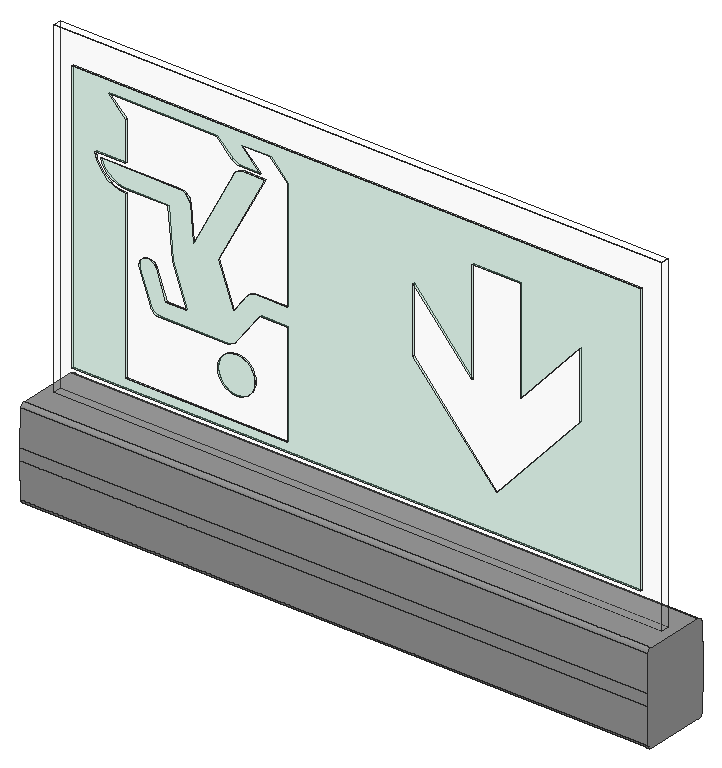
Revit family "0041749", category Lighting Fixtures, host Face, Revit 2017
Family settings
  Host = Face
  Round Connector Dimension = Use Diameter
  Part Type = Normal
  OmniClass Number = 23.80.70.00
  OmniClass Title = Lighting
  Cut with Voids When Loaded = No
  Light Source = No
  Shared = No
  Room Calculation Point = No
Parameters (values of type "0041749 SYLSAFE EXIT-MOD EX R EM3 MT MS Up")
  Width_SYL = 33 mm
  Weight = "0.866 kg"
  Wattage Comments = ""
  WarrantyStartDate [instance] = "n/a"
  WarrantyGuarantorParts = "n/a"
  WarrantyDurationUnit = "n/a"
  WarrantyDurationParts = "n/a"
  WarrantyDescription = "n/a"
  Voltage = 0 V
  URL = "http://www.sylvania-lighting.com"
  TypeSign_SYL = SylSafe EXIT Sign : Exit Arrow Up
  TypeName = "SylSafe Exit-Mod EX R EM3 MT MS Up"
  Type Image = <None>
  Type Comments = "n/a"
  SerialNumber [instance] = "n/a"
  RotatableArmThickness_SYL = 3 mm
  RadiusBody_SYL = Width_SYL / 2  # 16.5 mm
  Material_3_SYL = none
  PowerFactor = 0.49
  PowerConsumption = "4.9 W"
  NominalLength = 300 mm
  NominalHeight = 201 mm
  NominalDepth = 49 mm
  Name = "SylSafe Exit-Mod EX R EM3 MT MS Up"
  ModelReference = Name  # "SylSafe Exit-Mod EX R EM3 MT MS Up"
  ModelNumber = "0041749"
  Model = Name  # "SylSafe Exit-Mod EX R EM3 MT MS Up"
  Material = "n/a"
  ManufacturerName = "Feilo Sylvania"
  Manufacturer = "Feilo Sylvania"
  LuminousEfficacy = "0 lm/W"
  LuminaireType = ""
  LightOutputRatio = "n/a"
  Length_SYL = 300 mm
  LampsType = Lamp  # "LED"
  LampNominalLuminous = "- lm"
  LampMacAdamStep = "n/a"
  LampColourTemperature = "0 K"
  LampColourRenderingIndex = "0"
  Lamp = "LED"
  Keynote = "16500"
  InstallationDate [instance] = "n/a"
  InputVoltage = "n/a"
  InputNominalFrequency = "n/a"
  IngressProtection = "IP20"
  ImpactProtectionIndex = "IK03"
  IfcExportType = "IfcLightFixtureType"
  IfcExportAs = "IfcLightFixtureType"
  Height_SYL = 43 mm
  ExpectedLife = 50000
  ElectricShockClassification = "Class II"
  DurationUnit = "hours"
  DocumentationLiterature = "http://www.sylvania-lighting.com/product/en-int/products/0041749"
  DimmingControlOptions = "n/a"
  Material_2_SYL = none
  Description = "SylSafe Exit-Mod EX R EM3 MT MS is a recessed emergency exit sign. Comes with ISO7010 compliant legend pack. Arrows left, right, up, down and a blank sheet for single sided versions. EC legend pack is available as accessory. Viewing distance 26m. White housing colour.  Maintained 3hr emergency operation with NiMH rechargeable battery. Recharge period 24 hours. 4.9W, IK03, IP20. Power Factor 0.49. Class II electrical construction."
  Default Elevation = 1219.2 mm
  CreatedOn = "10/28/2019"
  CreatedBy = "@sylvania-lighting.com"
  Cost = 0
  built-in parameter 1114216 [instance] = (empty or 0)
  ClassificationValue = "EF_70_80"
  ClassificationName = "Uniclass2015"
  Material_1_SYL = PC/ABS Plastic
  BarCode [instance] = "n/a"
  AssetType = "Fixed"
  AssetIdentifier [instance] = "n/a"
  Assembly Code = "D5020200"
  Apparent Load = 4.9 VA
  Material_4_SYL = none
Types (4, lengths in mm): name | TypeSign_SYL | TypeName | Name | ModelReference | Model
  0041749 SYLSAFE EXIT-MOD EX R EM3 MT MS Up | SylSafe EXIT Sign : Exit Arrow Up | "SylSafe Exit-Mod EX R EM3 MT MS Up" | "SylSafe Exit-Mod EX R EM3 MT MS Up" | "SylSafe Exit-Mod EX R EM3 MT MS Up" | "SylSafe Exit-Mod EX R EM3 MT MS Up"
  0041749 SYLSAFE EXIT-MOD EX R EM3 MT MS Right | SylSafe EXIT Sign : Exit Arrow Right | "SylSafe Exit-Mod EX R EM3 MT MS Right" | "SylSafe Exit-Mod EX R EM3 MT MS Right" | "SylSafe Exit-Mod EX R EM3 MT MS Right" | "SylSafe Exit-Mod EX R EM3 MT MS Right"
  0041749 SYLSAFE EXIT-MOD EX R EM3 MT MS Left | SylSafe EXIT Sign : Exit Arrow Left | "SylSafe Exit-Mod EX R EM3 MT MS Left" | "SylSafe Exit-Mod EX R EM3 MT MS Left" | "SylSafe Exit-Mod EX R EM3 MT MS Left" | "SylSafe Exit-Mod EX R EM3 MT MS Left"
  0041749 SYLSAFE EXIT-MOD EX R EM3 MT MS Down | SylSafe EXIT Sign : Exit Arrow Down | "SylSafe Exit-Mod EX R EM3 MT MS Down" | "SylSafe Exit-Mod EX R EM3 MT MS Down" | "SylSafe Exit-Mod EX R EM3 MT MS Down" | "SylSafe Exit-Mod EX R EM3 MT MS Down"
Reference planes
  plane 1 "Center (Front/Back)": y = 0
  plane 2: z = 0
  plane 3 "Center (Left/Right)": x = 0
  plane 4: y = 16.5
  plane 5: y = -16.5
  plane 6: z = 43
  plane 7: x = -150
  plane 8: x = 150
  plane 9: z = 21.5
  plane 10: y = -15.9
  plane 11: y = 15.9
Forms (mm)
  Extrusion 1, solid, material "PC/ABS Plastic" <- "Material_1_SYL"
    sketch origin (0, 0, 0) x (0, 1, 0) y (0, 0, 1)
      loop
        line (13.955, 43) -> (-13.955, 43)
        arc (-13.955, 43) -> (-15.349, 42.434) -> (-15.954, 41.056) r 2
        line (-15.954, 41.056) -> (-16.422, 24.29)
        arc (-16.422, 24.29) -> (-16.461, 21.5) -> (-16.422, 18.71) r 100
        line (-16.422, 18.71) -> (-15.954, 1.944)
        arc (-15.954, 1.944) -> (-15.349, 0.566) -> (-13.955, 0) r 2
        line (-13.955, 0) -> (13.955, 0)
        arc (13.955, 0) -> (15.349, 0.566) -> (15.954, 1.944) r 2
        line (15.954, 1.944) -> (16.422, 18.71)
        arc (16.422, 18.71) -> (16.461, 21.5) -> (16.422, 24.29) r 100
        line (16.422, 24.29) -> (15.954, 41.056)
        arc (15.954, 41.056) -> (15.349, 42.434) -> (13.955, 43) r 2
    from -150 to 150
Lines and regions (mm)
  reference lines
    curve 1: line (0, -16.5, 21.5) -> (0, -15.9, 43)
    curve 2: line (0, -16.5, 21.5) -> (0, -15.9, 0)
    curve 3: line (0, 15.9, 0) -> (0, 16.5, 21.5)
    curve 4: line (0, 16.5, 21.5) -> (0, 15.9, 43)
Dimensions and locks
  equal spacing: plane 5, plane 1 "Center (Front/Back)", plane 4
  "Width_SYL": plane 5 to plane 4
  equal spacing: plane 8, plane 3 "Center (Left/Right)", plane 7
  "Length_SYL": plane 8 to plane 7
  equal spacing: plane 2, plane 9, plane 6
  "Height_SYL": plane 6 to plane 2
  equal spacing: plane 10, plane 1 "Center (Front/Back)", plane 11
  locked: plane 5 to plane 10 at 0.6
  equal spacing: host sketch curve, plane 3 "Center (Left/Right)", host sketch curve
  equal spacing: host sketch curve, plane 1 "Center (Front/Back)", host sketch curve
  aligned and locked: plane 2 to host face
  aligned and locked: level to host face
  aligned and locked: plane 9 to curve 1
  aligned and locked: plane 6 to curve 1
  aligned and locked: level to curve 2
  aligned and locked: level to curve 3
  aligned and locked: plane 9 to curve 3
  aligned and locked: plane 6 to curve 4
  aligned and locked: Extrusion 1 sketch curve to plane 6
  aligned and locked: Extrusion 1 sketch curve to curve 1
  aligned and locked: curve 2 to Extrusion 1 sketch curve
  aligned and locked: Extrusion 1 sketch curve to level
  aligned and locked: curve 3 to Extrusion 1 sketch curve
  aligned and locked: curve 4 to Extrusion 1 sketch curve
  aligned and locked: plane 8 to Extrusion 1
  aligned and locked: Extrusion 1 to plane 7
  aligned and locked: plane 3 "Center (Left/Right)" to nested 1
  aligned and locked: plane 1 "Center (Front/Back)" to nested 1
Automatic sketch dimensions
  curve 2 to plane 5 = 0 mm
  curve 2 to plane 10 = 0 mm
  curve 1 to plane 10 = 0 mm
  curve 4 to plane 11 = 0 mm
  curve 3 to plane 11 = 0 mm
  curve 3 to plane 4 = 0 mm
  level to Extrusion 1 sketch curve = 24.29 mm
  plane 10 to Extrusion 1 sketch curve = 0.054 mm  (x2)
  plane 11 to Extrusion 1 sketch curve = 1.945 mm  (x2)
  plane 4 to Extrusion 1 sketch curve = 0.078 mm
Nested families
  nested 1: "SylSafe EXIT Sign" at (0, 0, 43), type <- "TypeSign_SYL", type "Exit Arrow Up"
    with built-in parameter 1114216 (empty or 0)
Definition of nested family "SylSafe EXIT Sign"
  Parameters (values of type "Exit Arrow Down")
    Width_SYL = 4 mm
    Wattage Comments = "n/a"
    Wattage = 2.2 W
    built-in parameter 1150110 = 1 (stored number, unit not read)
    Up_SYL = no
    URL = "http://www.sylvania-lighting.com"
    Type Image = (empty or 0)
    Type Comments = "n/a"
    built-in parameter 1114217 = 1 (stored number, unit not read)
    ThicknessLabel_SYL = 0.8 mm
    built-in parameter 1150109 = 1 (stored number, unit not read)
    built-in parameter 1150134 = 5
    built-in parameter 1150113 = 1 (stored number, unit not read)
    Right_SYL = no
    Material_3_SYL = none
    Model = ""
    Manufacturer = "Feilo Sylvania"
    built-in parameter 1150105 = 70.028 (stored number, unit not read)
    Lumens = 220 lm
    built-in parameter 1150115 = 1 (stored number, unit not read)
    Light Source Symbol Size = 50 mm
    built-in parameter 1150137 = (empty or 0)
    built-in parameter 1150139 = (empty or 0)
    Left_SYL = no
    built-in parameter 1150112 = 1 (stored number, unit not read)
    built-in parameter 1150114 = 1 (stored number, unit not read)
    Lamp = "LED"
    Keynote = "16500"
    Material_2_SYL = none
    built-in parameter 1150132 = (empty or 0)
    built-in parameter 1150102 = (empty or 0)
    built-in parameter 1150107 = 6000 (stored number, unit not read)
    built-in parameter 1150138 = (empty or 0)
    built-in parameter 1150106 = 0.70028 (stored number, unit not read)
    Emit from Line Length = 291 mm  # constant formula
    built-in parameter 1150104 = 9.2903 (stored number, unit not read)
    Down_SYL = yes
    Dimming Lamp Color Temperature Shift = (empty or 0)
    Description = ""
    Default Elevation = 1219.2 mm
    Cost = 0
    Color Filter = 16777215
    built-in parameter 1114216 [instance] = (empty or 0)
    Material_1_SYL = none
    built-in parameter 1114218 = 1 (stored number, unit not read)
    built-in parameter 1150133 = 10 (stored number, unit not read)
    Assembly Code = "D5020200"
    Apparent Load = 4.9 VA
    Material_4_SYL = none
  Types (4, lengths in mm): name | Up_SYL | Right_SYL | Left_SYL | Down_SYL
    Exit Arrow Right | no | yes | no | no
    Exit Arrow Left | no | no | yes | no
    Exit Arrow Up | yes | no | no | no
    Exit Arrow Down | no | no | no | yes
  Reference planes
    plane 1 "Center (Front/Back)": y = 0
    plane 2: z = 0
    plane 3 "Center (Left/Right)": x = 0
    plane 4: z = 0.008
    plane 5: y = 2
    plane 6: y = -2
    plane 7: y = -2.8
    plane 8: x = -145.5
    plane 9: x = 145.5
    plane 10: z = 158
    plane 11: z = 79.004
  Forms (mm)
    Extrusion 1, solid
      sketch origin (4.2, 0, 0) x (1, 0, 0) y (0, 1, 0)
        loop
          line (-1219.2, 1219.2) -> (-1219.2, -1219.2) -> (1219.2, -1219.2) -> (1219.2, 1219.2) -> (-1219.2, 1219.2)
      from 0 to -68.017
    Extrusion 2, solid, material <- "Material_2_SYL", visible <- "Left_SYL", detail levels fine
      sketch origin (351.989, -2, 271.712) x (0, 0, -1) y (1, 0, 0)
        loop
          circle (232.921, -409.427) r 8.997
        loop
          line (252.914, -384.876) -> (203.771, -384.876) -> (203.771, -398.197) -> (218.424, -409.24)
          arc (218.424, -409.24) -> (220.352, -411.558) -> (221.043, -414.493) r 6.578
          line (221.043, -414.493) -> (221.043, -445.923)
          arc (221.043, -445.923) -> (220.132, -448.814) -> (217.728, -450.658) r 5.039
          line (217.728, -450.658) -> (203.593, -455.803)
          arc (203.593, -455.803) -> (198.134, -453.257) -> (200.68, -447.797) r 4.26
          line (200.68, -447.797) -> (213.464, -443.144) -> (213.464, -433.37) -> (194.903, -440.126) -> (171.839, -442.143) -> (171.839, -462.298)
          arc (171.839, -462.298) -> (169.301, -469.956) -> (162.694, -474.583) r 12.824
          line (162.694, -474.583) -> (162.694, -436.566)
          arc (162.694, -436.566) -> (164.018, -433.162) -> (167.293, -431.547) r 5.039
          line (167.293, -431.547) -> (183.708, -430.111) -> (147.253, -410.727)
          arc (147.253, -410.727) -> (145.299, -408.874) -> (144.58, -406.279) r 5.039
          line (144.58, -406.279) -> (144.58, -395.77) -> (186.296, -417.95) -> (205.853, -410.832) -> (197.426, -404.482)
          arc (197.426, -404.482) -> (195.783, -402.507) -> (195.195, -400.008) r 5.602
          line (195.195, -400.008) -> (195.195, -384.876) -> (142.284, -384.876) -> (133.752, -393.408) -> (133.752, -406.996) -> (142.825, -397.923) -> (142.825, -407.504)
          arc (142.825, -407.504) -> (142.393, -409.678) -> (141.162, -411.52) r 5.68
          line (141.162, -411.52) -> (133.752, -418.93) -> (133.752, -470.519) -> (141.973, -462.298) -> (160.874, -462.298) -> (160.874, -477.07)
          arc (160.874, -477.07) -> (169.956, -471.998) -> (173.715, -462.298) r 15.341
          line (173.715, -462.298) -> (252.914, -462.298) -> (252.914, -384.876)
        loop
          line (257.706, -215.944) -> (127.708, -215.944) -> (127.708, -488.034) -> (257.706, -488.034) -> (257.706, -215.944)
        loop
          line (204.292, -340.093) -> (204.292, -290.517) -> (232.638, -321.999) -> (232.638, -290.517) -> (192.707, -235.084) -> (152.776, -290.517) -> (152.776, -321.999) -> (181.122, -290.517) -> (181.122, -340.093) -> (204.292, -340.093)
      from 0 to 0.8
    Extrusion 3, solid, material <- "Material_2_SYL", visible <- "Up_SYL", detail levels fine
      sketch origin (0, -2, -647.069) x (0, 0, -1) y (1, 0, 0)
        loop
          line (-785.029, -41.419) -> (-785.029, -55.007) -> (-775.956, -45.934) -> (-775.956, -55.515)
          arc (-775.956, -55.515) -> (-776.388, -57.689) -> (-777.62, -59.531) r 5.68
          line (-777.62, -59.531) -> (-785.029, -66.941) -> (-785.029, -118.53) -> (-776.808, -110.309) -> (-757.907, -110.309) -> (-757.907, -125.081)
          arc (-757.907, -125.081) -> (-748.825, -120.009) -> (-745.067, -110.309) r 15.341
          line (-745.067, -110.309) -> (-665.867, -110.309) -> (-665.867, -32.887) -> (-715.011, -32.887) -> (-715.011, -46.208) -> (-700.357, -57.251)
          arc (-700.357, -57.251) -> (-698.429, -59.569) -> (-697.738, -62.504) r 6.578
          line (-697.738, -62.504) -> (-697.738, -93.934)
          arc (-697.738, -93.934) -> (-698.649, -96.825) -> (-701.053, -98.669) r 5.039
          line (-701.053, -98.669) -> (-715.188, -103.814)
          arc (-715.188, -103.814) -> (-720.647, -101.268) -> (-718.102, -95.808) r 4.26
          line (-718.102, -95.808) -> (-705.317, -91.155) -> (-705.317, -81.381) -> (-723.879, -88.137) -> (-746.943, -90.155) -> (-746.943, -110.309)
          arc (-746.943, -110.309) -> (-749.48, -117.967) -> (-756.087, -122.594) r 12.824
          line (-756.087, -122.594) -> (-756.087, -84.577)
          arc (-756.087, -84.577) -> (-754.764, -81.173) -> (-751.488, -79.558) r 5.039
          line (-751.488, -79.558) -> (-735.074, -78.122) -> (-771.528, -58.738)
          arc (-771.528, -58.738) -> (-773.482, -56.885) -> (-774.201, -54.29) r 5.039
          line (-774.201, -54.29) -> (-774.201, -43.781) -> (-732.486, -65.961) -> (-712.929, -58.843) -> (-721.356, -52.493)
          arc (-721.356, -52.493) -> (-722.998, -50.518) -> (-723.586, -48.019) r 5.602
          line (-723.586, -48.019) -> (-723.586, -32.887) -> (-776.497, -32.887) -> (-785.029, -41.419)
        loop
          circle (-685.86, -57.438) r 8.997
        loop
          line (-723.46, 78.505) -> (-773.036, 78.505) -> (-773.036, 55.335) -> (-723.46, 55.335) -> (-754.942, 26.989) -> (-723.46, 26.989) -> (-679.112, 66.92) -> (-723.46, 106.851) -> (-754.942, 106.851) -> (-723.46, 78.505)
        loop
          line (-791.073, -136.045) -> (-661.075, -136.045) -> (-661.075, 136.045) -> (-791.073, 136.045) -> (-791.073, -136.045)
      from 0 to 0.8
    Extrusion 4, solid, material <- "Material_2_SYL", visible <- "Down_SYL", detail levels fine
      sketch origin (0, -2, -647.069) x (0, 0, -1) y (1, 0, 0)
        loop
          line (-715.011, -46.208) -> (-700.357, -57.251)
          arc (-700.357, -57.251) -> (-698.429, -59.569) -> (-697.738, -62.504) r 6.578
          line (-697.738, -62.504) -> (-697.738, -93.934)
          arc (-697.738, -93.934) -> (-698.649, -96.825) -> (-701.053, -98.669) r 5.039
          line (-701.053, -98.669) -> (-715.188, -103.814)
          arc (-715.188, -103.814) -> (-720.647, -101.268) -> (-718.102, -95.808) r 4.26
          line (-718.102, -95.808) -> (-705.317, -91.155) -> (-705.317, -81.381) -> (-723.879, -88.137) -> (-746.943, -90.155) -> (-746.943, -110.309)
          arc (-746.943, -110.309) -> (-749.48, -117.967) -> (-756.087, -122.594) r 12.824
          line (-756.087, -122.594) -> (-756.087, -84.577)
          arc (-756.087, -84.577) -> (-754.764, -81.173) -> (-751.488, -79.558) r 5.039
          line (-751.488, -79.558) -> (-735.074, -78.122) -> (-771.528, -58.738)
          arc (-771.528, -58.738) -> (-773.482, -56.885) -> (-774.201, -54.29) r 5.039
          line (-774.201, -54.29) -> (-774.201, -43.781) -> (-732.486, -65.961) -> (-712.929, -58.843) -> (-721.356, -52.493)
          arc (-721.356, -52.493) -> (-722.998, -50.518) -> (-723.586, -48.019) r 5.602
          line (-723.586, -48.019) -> (-723.586, -32.887) -> (-776.497, -32.887) -> (-785.029, -41.419) -> (-785.029, -55.007) -> (-775.956, -45.934) -> (-775.956, -55.515)
          arc (-775.956, -55.515) -> (-776.388, -57.689) -> (-777.62, -59.531) r 5.68
          line (-777.62, -59.531) -> (-785.029, -66.941) -> (-785.029, -118.53) -> (-776.808, -110.309) -> (-757.907, -110.309) -> (-757.907, -125.081)
          arc (-757.907, -125.081) -> (-748.825, -120.009) -> (-745.067, -110.309) r 15.341
          line (-745.067, -110.309) -> (-665.867, -110.309) -> (-665.867, -32.887) -> (-715.011, -32.887) -> (-715.011, -46.208)
        loop
          circle (-685.86, -57.438) r 8.997
        loop
          line (-791.073, -136.045) -> (-661.075, -136.045) -> (-661.075, 136.045) -> (-791.073, 136.045) -> (-791.073, -136.045)
        loop
          line (-679.112, 55.335) -> (-679.112, 78.505) -> (-728.688, 78.505) -> (-697.206, 106.851) -> (-728.688, 106.851) -> (-773.036, 66.92) -> (-728.688, 26.989) -> (-697.206, 26.989) -> (-728.688, 55.335) -> (-679.112, 55.335)
      from 0 to 0.8
    Extrusion 5, solid, material <- "Material_2_SYL", visible <- "Right_SYL", detail levels fine
      sketch origin (0, -2, -647.069) x (0, 0, -1) y (1, 0, 0)
        loop
          line (-732.486, 57.899) -> (-774.201, 35.719) -> (-774.201, 46.228)
          arc (-774.201, 46.228) -> (-773.482, 48.823) -> (-771.528, 50.677) r 5.039
          line (-771.528, 50.677) -> (-735.074, 70.06) -> (-751.488, 71.496)
          arc (-751.488, 71.496) -> (-754.764, 73.111) -> (-756.087, 76.515) r 5.039
          line (-756.087, 76.515) -> (-756.087, 114.533)
          arc (-756.087, 114.533) -> (-749.48, 109.905) -> (-746.943, 102.247) r 12.824
          line (-746.943, 102.247) -> (-746.943, 82.093) -> (-723.879, 80.075) -> (-705.317, 73.319) -> (-705.317, 83.093) -> (-718.102, 87.747)
          arc (-718.102, 87.747) -> (-720.647, 93.206) -> (-715.188, 95.752) r 4.26
          line (-715.188, 95.752) -> (-701.053, 90.607)
          arc (-701.053, 90.607) -> (-698.649, 88.763) -> (-697.738, 85.873) r 5.039
          line (-697.738, 85.873) -> (-697.738, 54.442)
          arc (-697.738, 54.442) -> (-698.429, 51.507) -> (-700.357, 49.189) r 6.578
          line (-700.357, 49.189) -> (-715.011, 38.146) -> (-715.011, 24.826) -> (-665.867, 24.826) -> (-665.867, 102.247) -> (-745.067, 102.247)
          arc (-745.067, 102.247) -> (-748.825, 111.947) -> (-757.907, 117.019) r 15.341
          line (-757.907, 117.019) -> (-757.907, 102.247) -> (-776.808, 102.247) -> (-785.029, 110.468) -> (-785.029, 58.879) -> (-777.62, 51.469)
          arc (-777.62, 51.469) -> (-776.388, 49.627) -> (-775.956, 47.453) r 5.68
          line (-775.956, 47.453) -> (-775.956, 37.872) -> (-785.029, 46.945) -> (-785.029, 33.357) -> (-776.497, 24.826) -> (-723.586, 24.826) -> (-723.586, 39.957)
          arc (-723.586, 39.957) -> (-722.998, 42.456) -> (-721.356, 44.431) r 5.602
          line (-721.356, 44.431) -> (-712.929, 50.781) -> (-732.486, 57.899)
        loop
          circle (-685.86, 49.376) r 8.997
        loop
          line (-766.005, -38.052) -> (-766.005, -69.534) -> (-726.074, -121.944) -> (-686.143, -69.534) -> (-686.143, -38.052) -> (-714.489, -69.534) -> (-714.489, -19.958) -> (-737.659, -19.958) -> (-737.659, -69.534) -> (-766.005, -38.052)
        loop
          line (-791.073, -136.045) -> (-661.075, -136.045) -> (-661.075, 136.045) -> (-791.073, 136.045) -> (-791.073, -136.045)
      from 0 to 0.8
    Extrusion 6, solid, material <- "Material_3_SYL"
      sketch origin (0, 0, 0) x (1, 0, 0) y (0, 0, 1)
        loop
          line (-145.5, 0) -> (145.5, 0) -> (145.5, 158) -> (-145.5, 158) -> (-145.5, 0)
      from -2 to 2
  Dimensions and locks
    equal spacing: plane 6, plane 1 "Center (Front/Back)", plane 5
    "Width_SYL": plane 6 to plane 5
    "ThicknessLabel_SYL": plane 7 to plane 6
    equal spacing: plane 9, plane 3 "Center (Left/Right)", plane 8
    locked: plane 9 to plane 8 at 291
    locked: plane 10 to plane 4 at 157.992
    equal spacing: plane 10, plane 11, plane 4
    aligned and locked: plane 2 to Extrusion 1
    aligned and locked: level to Extrusion 1
    aligned and locked: Extrusion 3 to Extrusion 2
    aligned and locked: Extrusion 3 to plane 6
    aligned and locked: plane 7 to Extrusion 3
    aligned and locked: Extrusion 4 to plane 6
    aligned and locked: plane 7 to Extrusion 4
    aligned and locked: Extrusion 5 to plane 6
    aligned and locked: plane 7 to Extrusion 5
    aligned and locked: plane 4 to imposter light
    aligned and locked: plane 3 "Center (Left/Right)" to imposter light
    aligned and locked: plane 1 "Center (Front/Back)" to imposter light
    aligned and locked: Extrusion 6 sketch curve to level
    aligned and locked: plane 6 to Extrusion 6
    aligned and locked: Extrusion 6 to plane 5
    aligned and locked: Extrusion 6 sketch curve to plane 8
    aligned and locked: plane 9 to Extrusion 6 sketch curve
    aligned and locked: Extrusion 6 sketch curve to plane 10
  Automatic sketch dimensions
    Extrusion 1 sketch curve to Extrusion 1 sketch curve = 2438.4 mm  (x2)
    Extrusion 5 sketch curve to Extrusion 5 sketch curve = 0 mm  (x6)
    plane 10 to Extrusion 5 sketch curve = 13.996 mm
    plane 10 to Extrusion 5 sketch curve = 20.04 mm  (x2)
    Extrusion 5 sketch curve to Extrusion 5 sketch curve = 3.393 mm
    Extrusion 5 sketch curve to Extrusion 5 sketch curve = 4.016 mm
    Extrusion 5 sketch curve to Extrusion 5 sketch curve = 8.221 mm  (x2)
    Extrusion 5 sketch curve to Extrusion 5 sketch curve = 8.532 mm  (x2)
    Extrusion 5 sketch curve to Extrusion 5 sketch curve = 9.073 mm
    Extrusion 5 sketch curve to Extrusion 5 sketch curve = 1.755 mm
    Extrusion 5 sketch curve to Extrusion 5 sketch curve = 2.673 mm
    Extrusion 5 sketch curve to Extrusion 5 sketch curve = 5.039 mm  (x2)
    plane 10 to Extrusion 5 sketch curve = 39.064 mm
    Extrusion 5 sketch curve to Extrusion 5 sketch curve = 16.405 mm
    Extrusion 5 sketch curve to Extrusion 5 sketch curve = 0.636 mm
    Extrusion 5 sketch curve to Extrusion 5 sketch curve = 1.86 mm
    Extrusion 5 sketch curve to Extrusion 5 sketch curve = 4.316 mm
    Extrusion 5 sketch curve to Extrusion 5 sketch curve = 4.6 mm
    Extrusion 5 sketch curve to Extrusion 5 sketch curve = 0.439 mm
    Extrusion 5 sketch curve to Extrusion 5 sketch curve = 10.965 mm
    Extrusion 5 sketch curve to Extrusion 5 sketch curve = 1.876 mm
    Extrusion 5 sketch curve to plane 11 = 11.586 mm
    Extrusion 5 sketch curve to plane 11 = 9 mm
    Extrusion 5 sketch curve to plane 11 = 6.412 mm
    Extrusion 5 sketch curve to plane 11 = 0.001 mm
    plane 11 to Extrusion 5 sketch curve = 2.195 mm
    plane 11 to Extrusion 5 sketch curve = 2.487 mm
    plane 11 to Extrusion 5 sketch curve = 4.718 mm
    plane 11 to Extrusion 5 sketch curve = 7.972 mm
    Extrusion 5 sketch curve to Extrusion 5 sketch curve = 3.372 mm
    Extrusion 5 sketch curve to Extrusion 5 sketch curve = 1.457 mm  (x2)
    Extrusion 5 sketch curve to Extrusion 5 sketch curve = 2.973 mm
    plane 11 to Extrusion 5 sketch curve = 11.584 mm
    Extrusion 5 sketch curve to Extrusion 5 sketch curve = 8.427 mm
    Extrusion 5 sketch curve to Extrusion 5 sketch curve = 12.785 mm
    Extrusion 5 sketch curve to Extrusion 5 sketch curve = 8.613 mm
    Extrusion 5 sketch curve to Extrusion 5 sketch curve = 2.54 mm
    Extrusion 5 sketch curve to Extrusion 5 sketch curve = 1.723 mm
    Extrusion 5 sketch curve to Extrusion 5 sketch curve = 3.959 mm
    Extrusion 5 sketch curve to Extrusion 5 sketch curve = 28.346 mm
    Extrusion 5 sketch curve to Extrusion 5 sketch curve = 11.878 mm
    Extrusion 5 sketch curve to plane 4 = 18.79 mm
    Extrusion 5 sketch curve to plane 4 = 13.998 mm
    plane 8 to Extrusion 5 sketch curve = 9.455 mm
    plane 8 to Extrusion 5 sketch curve = 23.556 mm
    Extrusion 5 sketch curve to Extrusion 5 sketch curve = 52.41 mm  (x2)
    Extrusion 5 sketch curve to Extrusion 5 sketch curve = 31.482 mm  (x2)
    Extrusion 5 sketch curve to plane 3 "Center (Left/Right)" = 19.958 mm
    plane 3 "Center (Left/Right)" to Extrusion 5 sketch curve = 24.826 mm
    Extrusion 5 sketch curve to Extrusion 5 sketch curve = 2.361 mm
    Extrusion 5 sketch curve to Extrusion 5 sketch curve = 2.154 mm
    Extrusion 5 sketch curve to Extrusion 5 sketch curve = 13.321 mm
    Extrusion 5 sketch curve to Extrusion 5 sketch curve = 1.81 mm
    Extrusion 5 sketch curve to Extrusion 5 sketch curve = 8.355 mm
    Extrusion 5 sketch curve to Extrusion 5 sketch curve = 0.718 mm
    Extrusion 5 sketch curve to Extrusion 5 sketch curve = 0.508 mm
    Extrusion 5 sketch curve to Extrusion 5 sketch curve = 11.042 mm
    Extrusion 5 sketch curve to Extrusion 5 sketch curve = 5.066 mm
    Extrusion 5 sketch curve to Extrusion 5 sketch curve = 3.661 mm
    Extrusion 5 sketch curve to Extrusion 5 sketch curve = 13.468 mm
    Extrusion 5 sketch curve to Extrusion 5 sketch curve = 7.409 mm
    Extrusion 5 sketch curve to Extrusion 5 sketch curve = 12.16 mm
    Extrusion 5 sketch curve to Extrusion 5 sketch curve = 1.436 mm
    Extrusion 5 sketch curve to Extrusion 5 sketch curve = 18.877 mm
    Extrusion 5 sketch curve to Extrusion 5 sketch curve = 10.015 mm
    Extrusion 5 sketch curve to Extrusion 5 sketch curve = 5.577 mm
    Extrusion 5 sketch curve to Extrusion 5 sketch curve = 9.774 mm
    Extrusion 5 sketch curve to Extrusion 5 sketch curve = 2.779 mm
    Extrusion 5 sketch curve to Extrusion 5 sketch curve = 7.672 mm
    Extrusion 5 sketch curve to Extrusion 5 sketch curve = 4.003 mm
    Extrusion 5 sketch curve to Extrusion 5 sketch curve = 19.79 mm
    Extrusion 5 sketch curve to Extrusion 5 sketch curve = 0.365 mm  (x2)
    Extrusion 5 sketch curve to plane 9 = 9.455 mm
    Extrusion 5 sketch curve to Extrusion 5 sketch curve = 5.5 mm
    Extrusion 4 sketch curve to Extrusion 4 sketch curve = 0 mm  (x5)
    plane 10 to Extrusion 4 sketch curve = 13.996 mm
    plane 10 to Extrusion 4 sketch curve = 20.04 mm
    Extrusion 4 sketch curve to Extrusion 4 sketch curve = 3.393 mm
    Extrusion 4 sketch curve to Extrusion 4 sketch curve = 4.016 mm
    Extrusion 4 sketch curve to Extrusion 4 sketch curve = 8.221 mm
    Extrusion 4 sketch curve to Extrusion 4 sketch curve = 8.532 mm
    Extrusion 4 sketch curve to Extrusion 4 sketch curve = 1.664 mm
    Extrusion 4 sketch curve to Extrusion 4 sketch curve = 1.755 mm
    plane 10 to Extrusion 4 sketch curve = 32.033 mm
    Extrusion 4 sketch curve to Extrusion 4 sketch curve = 2.673 mm
    Extrusion 4 sketch curve to Extrusion 4 sketch curve = 2.366 mm
    Extrusion 4 sketch curve to Extrusion 4 sketch curve = 16.405 mm
    Extrusion 4 sketch curve to Extrusion 4 sketch curve = 0.636 mm
    Extrusion 4 sketch curve to Extrusion 4 sketch curve = 1.86 mm
    Extrusion 4 sketch curve to Extrusion 4 sketch curve = 4.316 mm
    Extrusion 4 sketch curve to Extrusion 4 sketch curve = 4.6 mm
    Extrusion 4 sketch curve to Extrusion 4 sketch curve = 5.039 mm
    Extrusion 4 sketch curve to Extrusion 4 sketch curve = 4.106 mm
    Extrusion 4 sketch curve to Extrusion 4 sketch curve = 1.876 mm
    Extrusion 4 sketch curve to plane 11 = 9 mm
    Extrusion 4 sketch curve to plane 11 = 6.412 mm
    Extrusion 4 sketch curve to plane 11 = 2.615 mm  (x4)
    plane 11 to Extrusion 4 sketch curve = 2.195 mm
    plane 11 to Extrusion 4 sketch curve = 2.487 mm
    plane 11 to Extrusion 4 sketch curve = 4.718 mm
    plane 11 to Extrusion 4 sketch curve = 7.972 mm
    Extrusion 4 sketch curve to Extrusion 4 sketch curve = 3.372 mm
    Extrusion 4 sketch curve to Extrusion 4 sketch curve = 1.457 mm  (x2)
    Extrusion 4 sketch curve to Extrusion 4 sketch curve = 8.576 mm
    Extrusion 4 sketch curve to Extrusion 4 sketch curve = 8.427 mm
    Extrusion 4 sketch curve to Extrusion 4 sketch curve = 12.785 mm
    Extrusion 4 sketch curve to Extrusion 4 sketch curve = 8.613 mm
    Extrusion 4 sketch curve to Extrusion 4 sketch curve = 2.54 mm
    Extrusion 4 sketch curve to Extrusion 4 sketch curve = 1.723 mm
    Extrusion 4 sketch curve to Extrusion 4 sketch curve = 3.959 mm
    Extrusion 4 sketch curve to Extrusion 4 sketch curve = 2.619 mm
    plane 11 to Extrusion 4 sketch curve = 28.867 mm  (x2)
    Extrusion 4 sketch curve to Extrusion 4 sketch curve = 11.878 mm
    Extrusion 4 sketch curve to plane 4 = 32.035 mm
    Extrusion 4 sketch curve to plane 4 = 18.79 mm
    Extrusion 4 sketch curve to plane 4 = 13.998 mm
    plane 8 to Extrusion 4 sketch curve = 9.455 mm
    plane 8 to Extrusion 4 sketch curve = 20.419 mm
    Extrusion 4 sketch curve to Extrusion 4 sketch curve = 2.486 mm
    Extrusion 4 sketch curve to Extrusion 4 sketch curve = 17.515 mm
    Extrusion 4 sketch curve to Extrusion 4 sketch curve = 6.495 mm
    Extrusion 4 sketch curve to Extrusion 4 sketch curve = 4.003 mm
    Extrusion 4 sketch curve to Extrusion 4 sketch curve = 5.145 mm
    Extrusion 4 sketch curve to Extrusion 4 sketch curve = 2.779 mm
    Extrusion 4 sketch curve to Extrusion 4 sketch curve = 20.155 mm
    Extrusion 4 sketch curve to Extrusion 4 sketch curve = 7.672 mm
    Extrusion 4 sketch curve to Extrusion 4 sketch curve = 5.577 mm
    Extrusion 4 sketch curve to Extrusion 4 sketch curve = 9.774 mm
    Extrusion 4 sketch curve to Extrusion 4 sketch curve = 10.015 mm
    Extrusion 4 sketch curve to Extrusion 4 sketch curve = 17.637 mm
    Extrusion 4 sketch curve to Extrusion 4 sketch curve = 12.16 mm
    Extrusion 4 sketch curve to Extrusion 4 sketch curve = 18.877 mm
    Extrusion 4 sketch curve to Extrusion 4 sketch curve = 7.409 mm
    Extrusion 4 sketch curve to Extrusion 4 sketch curve = 3.661 mm
    Extrusion 4 sketch curve to Extrusion 4 sketch curve = 3.223 mm
    Extrusion 4 sketch curve to Extrusion 4 sketch curve = 5.066 mm
    Extrusion 4 sketch curve to Extrusion 4 sketch curve = 0.508 mm
    Extrusion 4 sketch curve to Extrusion 4 sketch curve = 6.35 mm
    Extrusion 4 sketch curve to Extrusion 4 sketch curve = 1.81 mm
    Extrusion 4 sketch curve to Extrusion 4 sketch curve = 8.355 mm
    Extrusion 4 sketch curve to Extrusion 4 sketch curve = 2.154 mm
    Extrusion 4 sketch curve to Extrusion 4 sketch curve = 4.515 mm
    Extrusion 4 sketch curve to Extrusion 4 sketch curve = 10.893 mm
    Extrusion 4 sketch curve to Extrusion 4 sketch curve = 24.55 mm
    plane 3 "Center (Left/Right)" to Extrusion 4 sketch curve = 26.989 mm
    Extrusion 4 sketch curve to Extrusion 4 sketch curve = 28.346 mm  (x2)
    Extrusion 4 sketch curve to Extrusion 4 sketch curve = 11.585 mm
    Extrusion 4 sketch curve to Extrusion 4 sketch curve = 23.17 mm
    Extrusion 4 sketch curve to plane 9 = 9.455 mm
    Extrusion 4 sketch curve to Extrusion 4 sketch curve = 5.5 mm
    Extrusion 3 sketch curve to Extrusion 3 sketch curve = 0 mm  (x4)
    plane 10 to Extrusion 3 sketch curve = 13.996 mm
    plane 10 to Extrusion 3 sketch curve = 20.04 mm  (x2)
    Extrusion 3 sketch curve to Extrusion 3 sketch curve = 3.393 mm
    Extrusion 3 sketch curve to Extrusion 3 sketch curve = 4.016 mm
    Extrusion 3 sketch curve to Extrusion 3 sketch curve = 8.221 mm  (x2)
    Extrusion 3 sketch curve to Extrusion 3 sketch curve = 8.532 mm
    Extrusion 3 sketch curve to Extrusion 3 sketch curve = 1.664 mm
    Extrusion 3 sketch curve to Extrusion 3 sketch curve = 1.755 mm
    plane 10 to Extrusion 3 sketch curve = 32.033 mm
    Extrusion 3 sketch curve to Extrusion 3 sketch curve = 2.673 mm
    Extrusion 3 sketch curve to Extrusion 3 sketch curve = 5.039 mm  (x2)
    Extrusion 3 sketch curve to Extrusion 3 sketch curve = 16.405 mm
    Extrusion 3 sketch curve to Extrusion 3 sketch curve = 0.636 mm
    Extrusion 3 sketch curve to Extrusion 3 sketch curve = 1.86 mm
    Extrusion 3 sketch curve to Extrusion 3 sketch curve = 4.316 mm
    Extrusion 3 sketch curve to plane 11 = 28.869 mm  (x2)
    Extrusion 3 sketch curve to Extrusion 3 sketch curve = 4.6 mm
    Extrusion 3 sketch curve to Extrusion 3 sketch curve = 10.965 mm
    Extrusion 3 sketch curve to Extrusion 3 sketch curve = 1.876 mm
    Extrusion 3 sketch curve to plane 11 = 9 mm
    Extrusion 3 sketch curve to plane 11 = 6.412 mm
    plane 11 to Extrusion 3 sketch curve = 2.195 mm
    plane 11 to Extrusion 3 sketch curve = 2.487 mm
    plane 11 to Extrusion 3 sketch curve = 2.613 mm  (x4)
    plane 11 to Extrusion 3 sketch curve = 4.718 mm
    plane 11 to Extrusion 3 sketch curve = 7.972 mm
    Extrusion 3 sketch curve to Extrusion 3 sketch curve = 3.372 mm
    Extrusion 3 sketch curve to Extrusion 3 sketch curve = 1.457 mm  (x2)
    Extrusion 3 sketch curve to Extrusion 3 sketch curve = 8.576 mm
    Extrusion 3 sketch curve to Extrusion 3 sketch curve = 8.427 mm
    Extrusion 3 sketch curve to Extrusion 3 sketch curve = 12.785 mm
    Extrusion 3 sketch curve to Extrusion 3 sketch curve = 8.613 mm
    Extrusion 3 sketch curve to Extrusion 3 sketch curve = 2.54 mm
    Extrusion 3 sketch curve to Extrusion 3 sketch curve = 1.723 mm
    Extrusion 3 sketch curve to Extrusion 3 sketch curve = 3.959 mm
    Extrusion 3 sketch curve to Extrusion 3 sketch curve = 2.619 mm
    Extrusion 3 sketch curve to Extrusion 3 sketch curve = 11.878 mm
    Extrusion 3 sketch curve to plane 4 = 32.035 mm
    Extrusion 3 sketch curve to plane 4 = 18.79 mm
    Extrusion 3 sketch curve to plane 4 = 13.998 mm
    plane 8 to Extrusion 3 sketch curve = 9.455 mm
    plane 8 to Extrusion 3 sketch curve = 20.419 mm
    Extrusion 3 sketch curve to Extrusion 3 sketch curve = 2.486 mm
    Extrusion 3 sketch curve to Extrusion 3 sketch curve = 17.515 mm
    Extrusion 3 sketch curve to Extrusion 3 sketch curve = 6.495 mm
    Extrusion 3 sketch curve to Extrusion 3 sketch curve = 4.003 mm
    Extrusion 3 sketch curve to Extrusion 3 sketch curve = 5.145 mm
    Extrusion 3 sketch curve to Extrusion 3 sketch curve = 2.779 mm
    Extrusion 3 sketch curve to Extrusion 3 sketch curve = 20.155 mm
    Extrusion 3 sketch curve to Extrusion 3 sketch curve = 7.672 mm
    Extrusion 3 sketch curve to Extrusion 3 sketch curve = 5.577 mm
    Extrusion 3 sketch curve to Extrusion 3 sketch curve = 9.774 mm
    Extrusion 3 sketch curve to Extrusion 3 sketch curve = 10.015 mm
    Extrusion 3 sketch curve to Extrusion 3 sketch curve = 17.637 mm
    Extrusion 3 sketch curve to Extrusion 3 sketch curve = 12.16 mm
    Extrusion 3 sketch curve to Extrusion 3 sketch curve = 18.877 mm
    Extrusion 3 sketch curve to Extrusion 3 sketch curve = 7.409 mm
    Extrusion 3 sketch curve to Extrusion 3 sketch curve = 3.661 mm
    Extrusion 3 sketch curve to Extrusion 3 sketch curve = 3.223 mm
    Extrusion 3 sketch curve to Extrusion 3 sketch curve = 5.066 mm
    Extrusion 3 sketch curve to Extrusion 3 sketch curve = 0.508 mm
    Extrusion 3 sketch curve to Extrusion 3 sketch curve = 6.35 mm
    Extrusion 3 sketch curve to Extrusion 3 sketch curve = 1.81 mm
    Extrusion 3 sketch curve to Extrusion 3 sketch curve = 8.355 mm
    Extrusion 3 sketch curve to Extrusion 3 sketch curve = 2.154 mm
    Extrusion 3 sketch curve to Extrusion 3 sketch curve = 4.515 mm
    Extrusion 3 sketch curve to Extrusion 3 sketch curve = 13.321 mm
    plane 3 "Center (Left/Right)" to Extrusion 3 sketch curve = 26.989 mm
    Extrusion 3 sketch curve to Extrusion 3 sketch curve = 28.346 mm  (x2)
    Extrusion 3 sketch curve to Extrusion 3 sketch curve = 11.585 mm
    Extrusion 3 sketch curve to Extrusion 3 sketch curve = 23.17 mm
    Extrusion 3 sketch curve to plane 9 = 9.455 mm
    Extrusion 3 sketch curve to Extrusion 3 sketch curve = 5.5 mm
    plane 10 to Extrusion 2 sketch curve = 13.996 mm
    plane 10 to Extrusion 2 sketch curve = 20.04 mm
    Extrusion 2 sketch curve to Extrusion 2 sketch curve = 0 mm  (x3)
    Extrusion 2 sketch curve to Extrusion 2 sketch curve = 3.393 mm
    Extrusion 2 sketch curve to Extrusion 2 sketch curve = 4.016 mm
    Extrusion 2 sketch curve to Extrusion 2 sketch curve = 8.221 mm  (x2)
    Extrusion 2 sketch curve to Extrusion 2 sketch curve = 8.532 mm
    Extrusion 2 sketch curve to Extrusion 2 sketch curve = 9.073 mm
    Extrusion 2 sketch curve to Extrusion 2 sketch curve = 1.755 mm
    Extrusion 2 sketch curve to Extrusion 2 sketch curve = 2.673 mm
    Extrusion 2 sketch curve to Extrusion 2 sketch curve = 2.366 mm
    plane 10 to Extrusion 2 sketch curve = 39.064 mm
    Extrusion 2 sketch curve to Extrusion 2 sketch curve = 16.405 mm
    Extrusion 2 sketch curve to Extrusion 2 sketch curve = 0.636 mm
    Extrusion 2 sketch curve to Extrusion 2 sketch curve = 1.86 mm
    Extrusion 2 sketch curve to Extrusion 2 sketch curve = 4.316 mm
    Extrusion 2 sketch curve to Extrusion 2 sketch curve = 4.6 mm
    Extrusion 2 sketch curve to Extrusion 2 sketch curve = 0.439 mm
    Extrusion 2 sketch curve to Extrusion 2 sketch curve = 4.106 mm
    Extrusion 2 sketch curve to Extrusion 2 sketch curve = 1.876 mm
    Extrusion 2 sketch curve to plane 11 = 11.586 mm
    Extrusion 2 sketch curve to plane 11 = 9 mm
    Extrusion 2 sketch curve to plane 11 = 6.412 mm
    Extrusion 2 sketch curve to plane 11 = 0.001 mm
    plane 11 to Extrusion 2 sketch curve = 2.195 mm
    plane 11 to Extrusion 2 sketch curve = 2.487 mm
    plane 11 to Extrusion 2 sketch curve = 4.718 mm
    plane 11 to Extrusion 2 sketch curve = 7.972 mm
    Extrusion 2 sketch curve to Extrusion 2 sketch curve = 3.372 mm
    Extrusion 2 sketch curve to Extrusion 2 sketch curve = 1.457 mm  (x2)
    Extrusion 2 sketch curve to Extrusion 2 sketch curve = 2.973 mm
    plane 11 to Extrusion 2 sketch curve = 11.584 mm
    Extrusion 2 sketch curve to Extrusion 2 sketch curve = 8.427 mm
    Extrusion 2 sketch curve to Extrusion 2 sketch curve = 12.785 mm
    Extrusion 2 sketch curve to Extrusion 2 sketch curve = 8.613 mm
    Extrusion 2 sketch curve to Extrusion 2 sketch curve = 2.54 mm
    Extrusion 2 sketch curve to Extrusion 2 sketch curve = 1.723 mm
    Extrusion 2 sketch curve to Extrusion 2 sketch curve = 3.959 mm
    Extrusion 2 sketch curve to Extrusion 2 sketch curve = 5.039 mm
    Extrusion 2 sketch curve to Extrusion 2 sketch curve = 28.346 mm
    Extrusion 2 sketch curve to Extrusion 2 sketch curve = 11.878 mm
    Extrusion 2 sketch curve to plane 4 = 18.79 mm
    Extrusion 2 sketch curve to plane 4 = 13.998 mm
    plane 8 to Extrusion 2 sketch curve = 9.455 mm
    plane 8 to Extrusion 2 sketch curve = 20.419 mm
    Extrusion 2 sketch curve to Extrusion 2 sketch curve = 2.486 mm
    Extrusion 2 sketch curve to Extrusion 2 sketch curve = 17.515 mm
    Extrusion 2 sketch curve to Extrusion 2 sketch curve = 25.736 mm
    Extrusion 2 sketch curve to Extrusion 2 sketch curve = 6.495 mm
    Extrusion 2 sketch curve to Extrusion 2 sketch curve = 4.003 mm
    Extrusion 2 sketch curve to Extrusion 2 sketch curve = 5.145 mm
    Extrusion 2 sketch curve to Extrusion 2 sketch curve = 2.779 mm
    Extrusion 2 sketch curve to Extrusion 2 sketch curve = 20.155 mm
    Extrusion 2 sketch curve to Extrusion 2 sketch curve = 7.672 mm
    Extrusion 2 sketch curve to Extrusion 2 sketch curve = 5.577 mm
    Extrusion 2 sketch curve to Extrusion 2 sketch curve = 9.774 mm
    Extrusion 2 sketch curve to Extrusion 2 sketch curve = 10.015 mm
    Extrusion 2 sketch curve to Extrusion 2 sketch curve = 17.637 mm
    Extrusion 2 sketch curve to Extrusion 2 sketch curve = 12.16 mm
    Extrusion 2 sketch curve to Extrusion 2 sketch curve = 18.877 mm
    Extrusion 2 sketch curve to Extrusion 2 sketch curve = 7.409 mm
    Extrusion 2 sketch curve to Extrusion 2 sketch curve = 3.661 mm
    Extrusion 2 sketch curve to Extrusion 2 sketch curve = 3.223 mm
    Extrusion 2 sketch curve to Extrusion 2 sketch curve = 5.066 mm
    Extrusion 2 sketch curve to Extrusion 2 sketch curve = 0.508 mm
    Extrusion 2 sketch curve to Extrusion 2 sketch curve = 6.35 mm
    Extrusion 2 sketch curve to Extrusion 2 sketch curve = 1.81 mm
    Extrusion 2 sketch curve to Extrusion 2 sketch curve = 8.355 mm
    Extrusion 2 sketch curve to Extrusion 2 sketch curve = 2.154 mm
    Extrusion 2 sketch curve to Extrusion 2 sketch curve = 4.515 mm
    Extrusion 2 sketch curve to Extrusion 2 sketch curve = 10.893 mm
    Extrusion 2 sketch curve to Extrusion 2 sketch curve = 24.55 mm
    plane 3 "Center (Left/Right)" to Extrusion 2 sketch curve = 11.896 mm
    plane 3 "Center (Left/Right)" to Extrusion 2 sketch curve = 29.99 mm  (x2)
    Extrusion 2 sketch curve to Extrusion 2 sketch curve = 31.482 mm  (x2)
    Extrusion 2 sketch curve to plane 9 = 28.595 mm
    Extrusion 2 sketch curve to plane 9 = 9.455 mm
    radius of Extrusion 2 sketch curve = 8.997 mm
